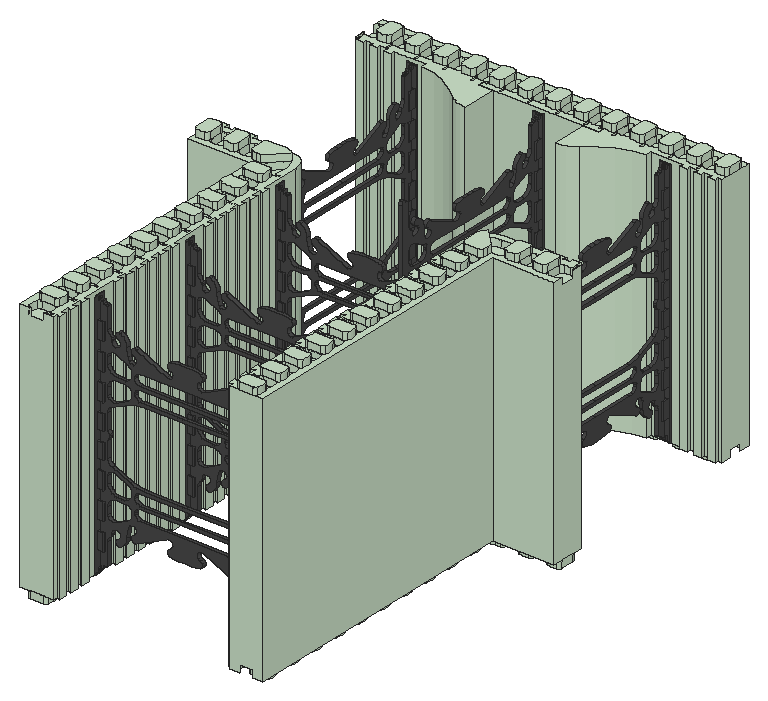
Revit family (continued)
Definition of nested family "12-inch Insert Web"
  Forms (mm)
    Extrusion 2, solid, material "High Density Polystyrene"
      sketch origin (0, 0, 0) x (0, 1, 0) y (0, 0, 1)
        loop
          line (-123.825, 134.334) -> (-109.22, 134.334)
          arc (-109.22, 134.334) -> (-100.24, 138.054) -> (-96.52, 147.034) r 12.7
          line (-96.52, 147.034) -> (-96.52, 150.275)
          arc (-96.52, 150.275) -> (-98.504, 157.092) -> (-103.837, 161.778) r 12.7
          line (-103.837, 161.778) -> (-126.138, 172.215)
          arc (-126.138, 172.215) -> (-135.287, 171.625) -> (-139.7, 163.588) r 9.525
          line (-139.7, 163.588) -> (-139.7, 150.209)
        loop
          line (139.7, 191.688) -> (139.7, 220.666) -> (136.652, 225.746) -> (136.652, 228.6) -> (136.652, 231.454) -> (139.7, 236.534) -> (139.7, 265.512)
          arc (139.7, 265.512) -> (137.716, 272.328) -> (132.383, 277.014) r 12.7
          line (132.383, 277.014) -> (100.425, 291.971)
          arc (100.425, 291.971) -> (88.608, 295.996) -> (76.2, 297.359) r 57.15
          line (76.2, 297.359) -> (0, 297.359) -> (-76.2, 297.359)
          arc (-76.2, 297.359) -> (-88.608, 295.996) -> (-100.425, 291.971) r 57.15
          line (-100.425, 291.971) -> (-132.383, 277.014)
          arc (-132.383, 277.014) -> (-137.716, 272.328) -> (-139.7, 265.512) r 12.7
          line (-139.7, 265.512) -> (-139.7, 236.534) -> (-136.652, 231.454) -> (-136.652, 228.6) -> (-136.652, 225.746) -> (-139.7, 220.666) -> (-139.7, 191.688)
          arc (-139.7, 191.688) -> (-137.716, 184.872) -> (-132.383, 180.186) r 12.7
          line (-132.383, 180.186) -> (-100.425, 165.229)
          arc (-100.425, 165.229) -> (-88.608, 161.204) -> (-76.2, 159.841) r 57.15
          line (-76.2, 159.841) -> (0, 159.841) -> (76.2, 159.841)
          arc (76.2, 159.841) -> (88.608, 161.204) -> (100.425, 165.229) r 57.15
          line (100.425, 165.229) -> (132.383, 180.186)
          arc (132.383, 180.186) -> (137.716, 184.872) -> (139.7, 191.688) r 12.7
        loop
          line (76.789, 348.183) -> (0, 348.183) -> (-76.789, 348.183)
          arc (-76.789, 348.183) -> (-80.328, 348.292) -> (-83.853, 348.621) r 57.15
          arc (-83.853, 348.621) -> (-88.43, 345.096) -> (-91.44, 340.166) r 15.855
          line (-91.44, 340.166) -> (-91.44, 336.966)
          arc (-91.44, 336.966) -> (-87.76, 331.136) -> (-81.935, 327.448) r 15.684
          line (-81.935, 327.448) -> (0, 327.448) -> (81.935, 327.448)
          arc (81.935, 327.448) -> (87.76, 331.136) -> (91.44, 336.966) r 15.684
          line (91.44, 336.966) -> (91.44, 340.166)
          arc (91.44, 340.166) -> (88.43, 345.096) -> (83.853, 348.621) r 15.855
          arc (83.853, 348.621) -> (80.328, 348.292) -> (76.789, 348.183) r 57.15
        loop
          arc (103.837, 354.882) -> (98.504, 350.196) -> (96.52, 343.38) r 12.7
          line (96.52, 343.38) -> (96.52, 340.138)
          arc (96.52, 340.138) -> (100.24, 331.158) -> (109.22, 327.438) r 12.7
          line (109.22, 327.438) -> (123.825, 327.438)
          arc (123.825, 327.438) -> (135.05, 332.088) -> (139.7, 343.313) r 15.875
          line (139.7, 343.313) -> (139.7, 356.692)
          arc (139.7, 356.692) -> (135.287, 364.729) -> (126.138, 365.319) r 9.525
          line (126.138, 365.319) -> (103.837, 354.882)
        loop
          arc (139.7, 306.991) -> (135.05, 318.216) -> (123.825, 322.866) r 15.875
          line (123.825, 322.866) -> (109.22, 322.866)
          arc (109.22, 322.866) -> (100.24, 319.146) -> (96.52, 310.166) r 12.7
          line (96.52, 310.166) -> (96.52, 306.925)
          arc (96.52, 306.925) -> (98.504, 300.108) -> (103.837, 295.422) r 12.7
          line (103.837, 295.422) -> (126.138, 284.985)
          arc (126.138, 284.985) -> (135.287, 285.575) -> (139.7, 293.612) r 9.525
          line (139.7, 293.612) -> (139.7, 306.991)
        loop
          arc (83.851, 301.696) -> (88.429, 305.221) -> (91.44, 310.152) r 15.855
          line (91.44, 310.152) -> (91.44, 313.351)
          arc (91.44, 313.351) -> (87.752, 319.188) -> (81.915, 322.876) r 15.684
          line (81.915, 322.876) -> (0, 322.876) -> (-81.915, 322.876)
          arc (-81.915, 322.876) -> (-87.752, 319.188) -> (-91.44, 313.351) r 15.684
          line (-91.44, 313.351) -> (-91.44, 310.152)
          arc (-91.44, 310.152) -> (-88.429, 305.221) -> (-83.851, 301.696) r 15.855
          arc (-83.851, 301.696) -> (-80.337, 302.022) -> (-76.81, 302.131) r 57.15
          line (-76.81, 302.131) -> (0, 302.131) -> (76.81, 302.131)
          arc (76.81, 302.131) -> (80.337, 302.022) -> (83.851, 301.696) r 57.15
        loop
          line (-103.837, 354.882) -> (-126.138, 365.319)
          arc (-126.138, 365.319) -> (-135.287, 364.729) -> (-139.7, 356.692) r 9.525
          line (-139.7, 356.692) -> (-139.7, 343.313)
          arc (-139.7, 343.313) -> (-135.05, 332.088) -> (-123.825, 327.438) r 15.875
          line (-123.825, 327.438) -> (-109.22, 327.438)
          arc (-109.22, 327.438) -> (-100.24, 331.158) -> (-96.52, 340.138) r 12.7
          line (-96.52, 340.138) -> (-96.52, 343.38)
          arc (-96.52, 343.38) -> (-98.504, 350.196) -> (-103.837, 354.882) r 12.7
        loop
          line (-139.7, 306.991) -> (-139.7, 293.612)
          arc (-139.7, 293.612) -> (-135.287, 285.575) -> (-126.138, 284.985) r 9.525
          line (-126.138, 284.985) -> (-103.837, 295.422)
          arc (-103.837, 295.422) -> (-98.504, 300.108) -> (-96.52, 306.925) r 12.7
          line (-96.52, 306.925) -> (-96.52, 310.166)
          arc (-96.52, 310.166) -> (-100.24, 319.146) -> (-109.22, 322.866) r 12.7
          line (-109.22, 322.866) -> (-123.825, 322.866)
          arc (-123.825, 322.866) -> (-135.05, 318.216) -> (-139.7, 306.991) r 15.875
      from 3.175 to -3.175
    Extrusion 3, solid, material "High Density Polystyrene"
      sketch origin (0, 0, 0) x (0, 1, 0) y (0, 0, 1)
        loop
          line (157.734, 410.919) -> (145.034, 410.919) -> (145.034, 380.439) -> (157.734, 380.439) -> (157.734, 410.919)
        loop
          line (157.734, 361.389) -> (145.034, 361.389) -> (145.034, 330.909) -> (157.734, 330.909) -> (157.734, 361.389)
        loop
          line (157.734, 311.859) -> (145.034, 311.859) -> (145.034, 281.379) -> (157.734, 281.379) -> (157.734, 311.859)
        loop
          line (157.734, 262.329) -> (145.034, 262.329) -> (145.034, 234.897) -> (157.734, 234.897) -> (157.734, 262.329)
        loop
          line (157.734, 215.847) -> (145.034, 215.847) -> (145.034, 188.415) -> (157.734, 188.415) -> (157.734, 215.847)
        loop
          line (157.734, 169.365) -> (145.034, 169.365) -> (145.034, 138.885) -> (157.734, 138.885) -> (157.734, 169.365)
        loop
          line (157.734, 119.835) -> (145.034, 119.835) -> (145.034, 89.355) -> (157.734, 89.355) -> (157.734, 119.835)
        loop
          line (157.734, 70.305) -> (145.034, 70.305) -> (145.034, 39.825) -> (157.734, 39.825) -> (157.734, 70.305)
        loop
          line (-157.734, 410.919) -> (-157.734, 380.439) -> (-145.034, 380.439) -> (-145.034, 410.919) -> (-157.734, 410.919)
        loop
          line (-157.734, 361.389) -> (-157.734, 330.909) -> (-145.034, 330.909) -> (-145.034, 361.389) -> (-157.734, 361.389)
        loop
          line (-157.734, 311.859) -> (-157.734, 281.379) -> (-145.034, 281.379) -> (-145.034, 311.859) -> (-157.734, 311.859)
        loop
          line (-157.734, 262.329) -> (-157.734, 234.897) -> (-145.034, 234.897) -> (-145.034, 262.329) -> (-157.734, 262.329)
        loop
          line (-157.734, 215.847) -> (-157.734, 188.415) -> (-145.034, 188.415) -> (-145.034, 215.847) -> (-157.734, 215.847)
        loop
          line (-157.734, 169.365) -> (-157.734, 138.885) -> (-145.034, 138.885) -> (-145.034, 169.365) -> (-157.734, 169.365)
        loop
          line (-157.734, 119.835) -> (-157.734, 89.355) -> (-145.034, 89.355) -> (-145.034, 119.835) -> (-157.734, 119.835)
        loop
          line (-157.734, 70.305) -> (-157.734, 39.825) -> (-145.034, 39.825) -> (-145.034, 70.305) -> (-157.734, 70.305)
      from 6.35 to -6.35
    Extrusion 4, void
      sketch origin (0, 76.2, 0) x (1, 0, 0) y (0, 1, 0)
        loop
          line (-6.35, 70.929) -> (-6.35, 68.834) -> (-4.255, 68.834)
          arc (-4.255, 68.834) -> (-5.736, 69.448) -> (-6.35, 70.929) r 2.095
      from 0 to 457.2
    Extrusion 5, void
      sketch origin (0, 76.2, 0) x (-1, 0, 0) y (0, -1, 0)
        loop
          arc (-6.35, -70.929) -> (-5.736, -69.448) -> (-4.255, -68.834) r 2.095
          line (-4.255, -68.834) -> (-6.35, -68.834) -> (-6.35, -70.929)
      from 0 to 457.2
    Extrusion 6, void
      sketch origin (0, -76.2, 0) x (1, 0, 0) y (0, 1, 0)
        loop
          arc (-6.35, -70.929) -> (-5.736, -69.448) -> (-4.255, -68.834) r 2.095
          line (-4.255, -68.834) -> (-6.35, -68.834) -> (-6.35, -70.929)
      from 0 to 457.2
    Extrusion 7, void
      sketch origin (0, -76.2, 0) x (-1, 0, 0) y (0, -1, 0)
        loop
          line (-6.35, 70.929) -> (-6.35, 68.834) -> (-4.255, 68.834)
          arc (-4.255, 68.834) -> (-5.736, 69.448) -> (-6.35, 70.929) r 2.095
      from 0 to 457.2
  Cuts and joins
    Extrusion 4, Extrusion 5, Extrusion 6, Extrusion 7 cuts Extrusion 1
    Extrusion 4, Extrusion 5, Extrusion 6, Extrusion 7 cuts Extrusion 3
Definition of nested family "12-inch Insert Web w One Fastening Strip"
  Reference planes
    plane 1 "Center (Front/Back)": y = 0
    plane 2: z = 0
    plane 3 "Center (Left/Right)": x = 0
  Forms (mm)
    Extrusion 1, solid, material "High Density Polystyrene"
      sketch origin (0, 0, 0) x (0, 1, 0) y (0, 0, 1)
        loop
          arc (-158.75, 0) -> (-158.017, 0.502) -> (-157.734, 1.344) r 1.397
          line (-157.734, 1.344) -> (-157.734, 449.4)
          arc (-157.734, 449.4) -> (-158.017, 450.243) -> (-158.75, 450.744) r 1.397
          line (-158.75, 450.744) -> (-158.75, 0)
      from 9.227 to -9.227
    Extrusion 2, solid, material "High Density Polystyrene"
      sketch origin (0, 0, 0) x (0, 1, 0) y (0, 0, 1)
        loop
          line (-155.586, 446.33) -> (-157.342, 447.306)
          arc (-157.342, 447.306) -> (-157.629, 447.585) -> (-157.734, 447.972) r 0.762
          line (-157.734, 447.972) -> (-157.734, 441.652)
          arc (-157.734, 441.652) -> (-157.575, 442.021) -> (-157.198, 442.16) r 0.508
          line (-157.198, 442.16) -> (-155.73, 442.078)
          arc (-155.73, 442.078) -> (-155.353, 442.216) -> (-155.194, 442.585) r 0.508
          line (-155.194, 442.585) -> (-155.194, 445.664)
          arc (-155.194, 445.664) -> (-155.299, 446.05) -> (-155.586, 446.33) r 0.762
        loop
          arc (-155.586, 4.414) -> (-155.299, 4.694) -> (-155.194, 5.08) r 0.762
          line (-155.194, 5.08) -> (-155.194, 8.159)
          arc (-155.194, 8.159) -> (-155.353, 8.528) -> (-155.73, 8.666) r 0.508
          line (-155.73, 8.666) -> (-157.198, 8.585)
          arc (-157.198, 8.585) -> (-157.575, 8.723) -> (-157.734, 9.092) r 0.508
          line (-157.734, 9.092) -> (-157.734, 2.772)
          arc (-157.734, 2.772) -> (-157.629, 3.159) -> (-157.342, 3.439) r 0.762
          line (-157.342, 3.439) -> (-155.586, 4.414)
        loop
          line (152.4, 437.076) -> (150.495, 442.918)
          arc (150.495, 442.918) -> (149.225, 443.68) -> (147.955, 442.918) r 1.439
          line (147.955, 442.918) -> (146.713, 439.108) -> (143.483, 439.108)
          arc (143.483, 439.108) -> (142.604, 438.744) -> (142.24, 437.865) r 1.243
          line (142.24, 437.865) -> (142.24, 437.076) -> (139.7, 437.076) -> (139.7, 400.201)
          arc (139.7, 400.201) -> (137.944, 393.421) -> (133.118, 388.345) r 13.97
          arc (133.118, 388.345) -> (131.885, 386.915) -> (131.681, 385.039) r 3.175
          arc (131.681, 385.039) -> (120.376, 376.743) -> (121.202, 390.741) r 7.747
          arc (121.202, 390.741) -> (124.314, 398.005) -> (117.05, 401.117) r 5.588
          arc (117.05, 401.117) -> (108.059, 393.619) -> (105.199, 382.266) r 18.923
          arc (105.199, 382.266) -> (104.091, 371.727) -> (100.821, 361.646) r 50.8
          arc (100.821, 361.646) -> (88.144, 361.552) -> (92.35, 373.51) r 7.747
          arc (92.35, 373.51) -> (96.234, 381.929) -> (87.311, 384.447) r 6.096
          line (87.311, 384.447) -> (33.279, 359.063)
          arc (33.279, 359.063) -> (22.267, 362.762) -> (27.306, 373.229) r 7.747
          arc (27.306, 373.229) -> (31.748, 378.927) -> (27.631, 384.864) r 6.096
          arc (27.631, 384.864) -> (19.507, 386.918) -> (11.157, 387.609) r 50.8
          line (11.157, 387.609) -> (0, 387.609) -> (-11.157, 387.609)
          arc (-11.157, 387.609) -> (-19.507, 386.918) -> (-27.631, 384.864) r 50.8
          arc (-27.631, 384.864) -> (-31.748, 378.927) -> (-27.306, 373.229) r 6.096
          arc (-27.306, 373.229) -> (-22.267, 362.762) -> (-33.279, 359.063) r 7.747
          line (-33.279, 359.063) -> (-87.311, 384.447)
          arc (-87.311, 384.447) -> (-96.234, 381.929) -> (-92.35, 373.51) r 6.096
          arc (-92.35, 373.51) -> (-88.144, 361.552) -> (-100.821, 361.646) r 7.747
          arc (-100.821, 361.646) -> (-104.091, 371.727) -> (-105.199, 382.266) r 50.8
          arc (-105.199, 382.266) -> (-108.059, 393.619) -> (-117.05, 401.117) r 18.923
          arc (-117.05, 401.117) -> (-124.314, 398.005) -> (-121.202, 390.741) r 5.588
          arc (-121.202, 390.741) -> (-120.376, 376.743) -> (-131.681, 385.039) r 7.747
          arc (-131.681, 385.039) -> (-131.885, 386.915) -> (-133.118, 388.345) r 3.175
          arc (-133.118, 388.345) -> (-137.944, 393.421) -> (-139.7, 400.201) r 13.97
          line (-139.7, 400.201) -> (-139.7, 437.076) -> (-142.24, 437.076) -> (-142.24, 437.865)
          arc (-142.24, 437.865) -> (-142.604, 438.744) -> (-143.483, 439.108) r 1.243
          line (-143.483, 439.108) -> (-146.713, 439.108) -> (-147.955, 442.918)
          arc (-147.955, 442.918) -> (-149.225, 443.68) -> (-150.495, 442.918) r 1.439
          line (-150.495, 442.918) -> (-152.4, 437.076) -> (-152.4, 16.896) -> (-150.495, 11.054)
          arc (-150.495, 11.054) -> (-149.225, 10.292) -> (-147.955, 11.054) r 1.439
          line (-147.955, 11.054) -> (-146.713, 14.864) -> (-143.483, 14.864)
          arc (-143.483, 14.864) -> (-142.604, 15.228) -> (-142.24, 16.107) r 1.243
          line (-142.24, 16.107) -> (-142.24, 16.896) -> (-139.7, 16.896) -> (-139.7, 56.999)
          arc (-139.7, 56.999) -> (-137.944, 63.779) -> (-133.118, 68.855) r 13.97
          arc (-133.118, 68.855) -> (-131.885, 70.285) -> (-131.681, 72.161) r 3.175
          arc (-131.681, 72.161) -> (-120.376, 80.457) -> (-121.202, 66.459) r 7.747
          arc (-121.202, 66.459) -> (-124.314, 59.195) -> (-117.05, 56.083) r 5.588
          arc (-117.05, 56.083) -> (-108.059, 63.581) -> (-105.199, 74.934) r 18.923
          arc (-105.199, 74.934) -> (-104.091, 85.473) -> (-100.821, 95.554) r 50.8
          arc (-100.821, 95.554) -> (-88.144, 95.648) -> (-92.35, 83.69) r 7.747
          arc (-92.35, 83.69) -> (-96.234, 75.271) -> (-87.311, 72.753) r 6.096
          line (-87.311, 72.753) -> (-33.279, 98.137)
          arc (-33.279, 98.137) -> (-22.267, 94.438) -> (-27.306, 83.971) r 7.747
          arc (-27.306, 83.971) -> (-31.748, 78.273) -> (-27.631, 72.336) r 6.096
          arc (-27.631, 72.336) -> (-19.507, 70.282) -> (-11.157, 69.591) r 50.8
          line (-11.157, 69.591) -> (0, 69.591) -> (11.157, 69.591)
          arc (11.157, 69.591) -> (19.507, 70.282) -> (27.631, 72.336) r 50.8
          arc (27.631, 72.336) -> (31.748, 78.273) -> (27.306, 83.971) r 6.096
          arc (27.306, 83.971) -> (22.267, 94.438) -> (33.279, 98.137) r 7.747
          line (33.279, 98.137) -> (87.311, 72.753)
          arc (87.311, 72.753) -> (96.234, 75.271) -> (92.35, 83.69) r 6.096
          arc (92.35, 83.69) -> (88.144, 95.648) -> (100.821, 95.554) r 7.747
          arc (100.821, 95.554) -> (104.091, 85.473) -> (105.199, 74.934) r 50.8
          arc (105.199, 74.934) -> (108.059, 63.581) -> (117.05, 56.083) r 18.923
          arc (117.05, 56.083) -> (124.314, 59.195) -> (121.202, 66.459) r 5.588
          arc (121.202, 66.459) -> (120.376, 80.457) -> (131.681, 72.161) r 7.747
          arc (131.681, 72.161) -> (131.885, 70.285) -> (133.118, 68.855) r 3.175
          arc (133.118, 68.855) -> (137.944, 63.779) -> (139.7, 56.999) r 13.97
          line (139.7, 56.999) -> (139.7, 16.896) -> (142.24, 16.896) -> (142.24, 16.107)
          arc (142.24, 16.107) -> (142.604, 15.228) -> (143.483, 14.864) r 1.243
          line (143.483, 14.864) -> (146.713, 14.864) -> (147.955, 11.054)
          arc (147.955, 11.054) -> (149.225, 10.292) -> (150.495, 11.054) r 1.439
          line (150.495, 11.054) -> (152.4, 16.896) -> (152.4, 437.076)
        loop
          arc (76.789, 109.017) -> (80.328, 108.908) -> (83.853, 108.579) r 57.15
          arc (83.853, 108.579) -> (88.43, 112.104) -> (91.44, 117.034) r 15.855
          line (91.44, 117.034) -> (91.44, 120.234)
          arc (91.44, 120.234) -> (87.76, 126.064) -> (81.935, 129.752) r 15.684
          line (81.935, 129.752) -> (0, 129.752) -> (-81.935, 129.752)
          arc (-81.935, 129.752) -> (-87.76, 126.064) -> (-91.44, 120.234) r 15.684
          line (-91.44, 120.234) -> (-91.44, 117.034)
          arc (-91.44, 117.034) -> (-88.43, 112.104) -> (-83.853, 108.579) r 15.855
          arc (-83.853, 108.579) -> (-80.328, 108.908) -> (-76.789, 109.017) r 57.15
          line (-76.789, 109.017) -> (0, 109.017) -> (76.789, 109.017)
        loop
          line (103.837, 102.318) -> (126.138, 91.881)
          arc (126.138, 91.881) -> (135.287, 92.471) -> (139.7, 100.508) r 9.525
          line (139.7, 100.508) -> (139.7, 113.887)
          arc (139.7, 113.887) -> (135.05, 125.112) -> (123.825, 129.762) r 15.875
          line (123.825, 129.762) -> (109.22, 129.762)
          arc (109.22, 129.762) -> (100.24, 126.042) -> (96.52, 117.062) r 12.7
          line (96.52, 117.062) -> (96.52, 113.82)
          arc (96.52, 113.82) -> (98.504, 107.004) -> (103.837, 102.318) r 12.7
        loop
          line (139.7, 150.209) -> (139.7, 163.588)
          arc (139.7, 163.588) -> (135.287, 171.625) -> (126.138, 172.215) r 9.525
          line (126.138, 172.215) -> (103.837, 161.778)
          arc (103.837, 161.778) -> (98.504, 157.092) -> (96.52, 150.275) r 12.7
          line (96.52, 150.275) -> (96.52, 147.034)
          arc (96.52, 147.034) -> (100.24, 138.054) -> (109.22, 134.334) r 12.7
          line (109.22, 134.334) -> (123.825, 134.334)
          arc (123.825, 134.334) -> (135.05, 138.984) -> (139.7, 150.209) r 15.875
        loop
          arc (83.851, 155.504) -> (80.337, 155.178) -> (76.81, 155.069) r 57.15
          line (76.81, 155.069) -> (0, 155.069) -> (-76.81, 155.069)
          arc (-76.81, 155.069) -> (-80.337, 155.178) -> (-83.851, 155.504) r 57.15
          arc (-83.851, 155.504) -> (-88.429, 151.979) -> (-91.44, 147.048) r 15.855
          line (-91.44, 147.048) -> (-91.44, 143.849)
          arc (-91.44, 143.849) -> (-87.752, 138.012) -> (-81.915, 134.324) r 15.684
          line (-81.915, 134.324) -> (0, 134.324) -> (81.915, 134.324)
          arc (81.915, 134.324) -> (87.752, 138.012) -> (91.44, 143.849) r 15.684
          line (91.44, 143.849) -> (91.44, 147.048)
          arc (91.44, 147.048) -> (88.429, 151.979) -> (83.851, 155.504) r 15.855
        loop
          arc (-103.837, 102.318) -> (-98.504, 107.004) -> (-96.52, 113.82) r 12.7
          line (-96.52, 113.82) -> (-96.52, 117.062)
          arc (-96.52, 117.062) -> (-100.24, 126.042) -> (-109.22, 129.762) r 12.7
          line (-109.22, 129.762) -> (-123.825, 129.762)
          arc (-123.825, 129.762) -> (-135.05, 125.112) -> (-139.7, 113.887) r 15.875
          line (-139.7, 113.887) -> (-139.7, 100.508)
          arc (-139.7, 100.508) -> (-135.287, 92.471) -> (-126.138, 91.881) r 9.525
          line (-126.138, 91.881) -> (-103.837, 102.318)
        loop
          arc (-139.7, 150.209) -> (-135.05, 138.984) -> (-123.825, 134.334) r 15.875
          line (-123.825, 134.334) -> (-109.22, 134.334)
          arc (-109.22, 134.334) -> (-100.24, 138.054) -> (-96.52, 147.034) r 12.7
          line (-96.52, 147.034) -> (-96.52, 150.275)
          arc (-96.52, 150.275) -> (-98.504, 157.092) -> (-103.837, 161.778) r 12.7
          line (-103.837, 161.778) -> (-126.138, 172.215)
          arc (-126.138, 172.215) -> (-135.287, 171.625) -> (-139.7, 163.588) r 9.525
          line (-139.7, 163.588) -> (-139.7, 150.209)
        loop
          line (139.7, 191.688) -> (139.7, 220.666) -> (136.652, 225.746) -> (136.652, 228.6) -> (136.652, 231.454) -> (139.7, 236.534) -> (139.7, 265.512)
          arc (139.7, 265.512) -> (137.716, 272.328) -> (132.383, 277.014) r 12.7
          line (132.383, 277.014) -> (100.425, 291.971)
          arc (100.425, 291.971) -> (88.608, 295.996) -> (76.2, 297.359) r 57.15
          line (76.2, 297.359) -> (0, 297.359) -> (-76.2, 297.359)
          arc (-76.2, 297.359) -> (-88.608, 295.996) -> (-100.425, 291.971) r 57.15
          line (-100.425, 291.971) -> (-132.383, 277.014)
          arc (-132.383, 277.014) -> (-137.716, 272.328) -> (-139.7, 265.512) r 12.7
          line (-139.7, 265.512) -> (-139.7, 236.534) -> (-136.652, 231.454) -> (-136.652, 228.6) -> (-136.652, 225.746) -> (-139.7, 220.666) -> (-139.7, 191.688)
          arc (-139.7, 191.688) -> (-137.716, 184.872) -> (-132.383, 180.186) r 12.7
          line (-132.383, 180.186) -> (-100.425, 165.229)
          arc (-100.425, 165.229) -> (-88.608, 161.204) -> (-76.2, 159.841) r 57.15
          line (-76.2, 159.841) -> (0, 159.841) -> (76.2, 159.841)
          arc (76.2, 159.841) -> (88.608, 161.204) -> (100.425, 165.229) r 57.15
          line (100.425, 165.229) -> (132.383, 180.186)
          arc (132.383, 180.186) -> (137.716, 184.872) -> (139.7, 191.688) r 12.7
        loop
          line (76.789, 348.183) -> (0, 348.183) -> (-76.789, 348.183)
          arc (-76.789, 348.183) -> (-80.328, 348.292) -> (-83.853, 348.621) r 57.15
          arc (-83.853, 348.621) -> (-88.43, 345.096) -> (-91.44, 340.166) r 15.855
          line (-91.44, 340.166) -> (-91.44, 336.966)
          arc (-91.44, 336.966) -> (-87.76, 331.136) -> (-81.935, 327.448) r 15.684
          line (-81.935, 327.448) -> (0, 327.448) -> (81.935, 327.448)
          arc (81.935, 327.448) -> (87.76, 331.136) -> (91.44, 336.966) r 15.684
          line (91.44, 336.966) -> (91.44, 340.166)
          arc (91.44, 340.166) -> (88.43, 345.096) -> (83.853, 348.621) r 15.855
          arc (83.853, 348.621) -> (80.328, 348.292) -> (76.789, 348.183) r 57.15
        loop
          arc (103.837, 354.882) -> (98.504, 350.196) -> (96.52, 343.38) r 12.7
          line (96.52, 343.38) -> (96.52, 340.138)
          arc (96.52, 340.138) -> (100.24, 331.158) -> (109.22, 327.438) r 12.7
          line (109.22, 327.438) -> (123.825, 327.438)
          arc (123.825, 327.438) -> (135.05, 332.088) -> (139.7, 343.313) r 15.875
          line (139.7, 343.313) -> (139.7, 356.692)
          arc (139.7, 356.692) -> (135.287, 364.729) -> (126.138, 365.319) r 9.525
          line (126.138, 365.319) -> (103.837, 354.882)
        loop
          arc (139.7, 306.991) -> (135.05, 318.216) -> (123.825, 322.866) r 15.875
          line (123.825, 322.866) -> (109.22, 322.866)
          arc (109.22, 322.866) -> (100.24, 319.146) -> (96.52, 310.166) r 12.7
          line (96.52, 310.166) -> (96.52, 306.925)
          arc (96.52, 306.925) -> (98.504, 300.108) -> (103.837, 295.422) r 12.7
          line (103.837, 295.422) -> (126.138, 284.985)
          arc (126.138, 284.985) -> (135.287, 285.575) -> (139.7, 293.612) r 9.525
          line (139.7, 293.612) -> (139.7, 306.991)
        loop
          arc (83.851, 301.696) -> (88.429, 305.221) -> (91.44, 310.152) r 15.855
          line (91.44, 310.152) -> (91.44, 313.351)
          arc (91.44, 313.351) -> (87.752, 319.188) -> (81.915, 322.876) r 15.684
          line (81.915, 322.876) -> (0, 322.876) -> (-81.915, 322.876)
          arc (-81.915, 322.876) -> (-87.752, 319.188) -> (-91.44, 313.351) r 15.684
          line (-91.44, 313.351) -> (-91.44, 310.152)
          arc (-91.44, 310.152) -> (-88.429, 305.221) -> (-83.851, 301.696) r 15.855
          arc (-83.851, 301.696) -> (-80.337, 302.022) -> (-76.81, 302.131) r 57.15
          line (-76.81, 302.131) -> (0, 302.131) -> (76.81, 302.131)
          arc (76.81, 302.131) -> (80.337, 302.022) -> (83.851, 301.696) r 57.15
        loop
          line (-103.837, 354.882) -> (-126.138, 365.319)
          arc (-126.138, 365.319) -> (-135.287, 364.729) -> (-139.7, 356.692) r 9.525
          line (-139.7, 356.692) -> (-139.7, 343.313)
          arc (-139.7, 343.313) -> (-135.05, 332.088) -> (-123.825, 327.438) r 15.875
          line (-123.825, 327.438) -> (-109.22, 327.438)
          arc (-109.22, 327.438) -> (-100.24, 331.158) -> (-96.52, 340.138) r 12.7
          line (-96.52, 340.138) -> (-96.52, 343.38)
          arc (-96.52, 343.38) -> (-98.504, 350.196) -> (-103.837, 354.882) r 12.7
        loop
          line (-139.7, 306.991) -> (-139.7, 293.612)
          arc (-139.7, 293.612) -> (-135.287, 285.575) -> (-126.138, 284.985) r 9.525
          line (-126.138, 284.985) -> (-103.837, 295.422)
          arc (-103.837, 295.422) -> (-98.504, 300.108) -> (-96.52, 306.925) r 12.7
          line (-96.52, 306.925) -> (-96.52, 310.166)
          arc (-96.52, 310.166) -> (-100.24, 319.146) -> (-109.22, 322.866) r 12.7
          line (-109.22, 322.866) -> (-123.825, 322.866)
          arc (-123.825, 322.866) -> (-135.05, 318.216) -> (-139.7, 306.991) r 15.875
      from 3.175 to -3.175
    Extrusion 3, solid, material "High Density Polystyrene"
      sketch origin (0, 0, 0) x (0, 1, 0) y (0, 0, 1)
        loop
          line (-157.734, 410.919) -> (-157.734, 380.439) -> (-145.034, 380.439) -> (-145.034, 410.919) -> (-157.734, 410.919)
        loop
          line (-157.734, 361.389) -> (-157.734, 330.909) -> (-145.034, 330.909) -> (-145.034, 361.389) -> (-157.734, 361.389)
        loop
          line (-157.734, 311.859) -> (-157.734, 281.379) -> (-145.034, 281.379) -> (-145.034, 311.859) -> (-157.734, 311.859)
        loop
          line (-157.734, 262.329) -> (-157.734, 234.897) -> (-145.034, 234.897) -> (-145.034, 262.329) -> (-157.734, 262.329)
        loop
          line (-157.734, 215.847) -> (-157.734, 188.415) -> (-145.034, 188.415) -> (-145.034, 215.847) -> (-157.734, 215.847)
        loop
          line (-157.734, 169.365) -> (-157.734, 138.885) -> (-145.034, 138.885) -> (-145.034, 169.365) -> (-157.734, 169.365)
        loop
          line (-157.734, 119.835) -> (-157.734, 89.355) -> (-145.034, 89.355) -> (-145.034, 119.835) -> (-157.734, 119.835)
        loop
          line (-157.734, 70.305) -> (-157.734, 39.825) -> (-145.034, 39.825) -> (-145.034, 70.305) -> (-157.734, 70.305)
      from 6.35 to -6.35
    Extrusion 4, void
      sketch origin (0, -76.2, 0) x (1, 0, 0) y (0, 1, 0)
        loop
          arc (-6.35, -70.929) -> (-5.736, -69.448) -> (-4.255, -68.834) r 2.095
          line (-4.255, -68.834) -> (-6.35, -68.834) -> (-6.35, -70.929)
      from 0 to 457.2
    Extrusion 5, void
      sketch origin (0, -76.2, 0) x (-1, 0, 0) y (0, -1, 0)
        loop
          line (-6.35, 70.929) -> (-6.35, 68.834) -> (-4.255, 68.834)
          arc (-4.255, 68.834) -> (-5.736, 69.448) -> (-6.35, 70.929) r 2.095
      from 0 to 457.2
  Cuts and joins
    Extrusion 4, Extrusion 5 cuts Extrusion 1
    Extrusion 4, Extrusion 5 cuts Extrusion 3
Definition of nested family "NUDURA Diamond Pattern"
  Reference planes
    plane 1 "Center (Front/Back)": y = 0
    plane 2: z = 0
    plane 3 "Center (Left/Right)": x = 0
    plane 4: z = 457.2
  Lines and regions (mm)
    model lines
      curve 1: line (203.2, -142.875, 457.2) -> (203.2, -142.875, 0)
      curve 2: line (152.4, -142.875, 457.2) -> (152.4, -142.875, 0)
      curve 3: line (50.8, -142.875, 457.2) -> (50.8, -142.875, 0)
      curve 4: line (85.183, -142.875, 431.415) -> (93.906, -142.875, 422.692)
      curve 5: arc (85.183, -142.875, 444.885) -> (82.394, -142.875, 438.15) -> (85.183, -142.875, 431.415) r 9.525
      curve 6: line (94.708, -142.875, 454.41) -> (85.183, -142.875, 444.885)
      curve 7: arc (108.179, -142.875, 454.41) -> (101.444, -142.875, 457.2) -> (94.708, -142.875, 454.41) r 9.525
      curve 8: line (117.704, -142.875, 444.885) -> (108.179, -142.875, 454.41)
      curve 9: arc (117.704, -142.875, 431.415) -> (120.494, -142.875, 438.15) -> (117.704, -142.875, 444.885) r 9.525
      curve 10: line (108.981, -142.875, 422.692) -> (117.704, -142.875, 431.415)
      curve 11: arc (105.934, -142.875, 452.165) -> (101.444, -142.875, 454.025) -> (96.953, -142.875, 452.165) r 6.35
      curve 12: line (115.459, -142.875, 442.64) -> (105.934, -142.875, 452.165)
      curve 13: arc (115.459, -142.875, 433.66) -> (117.319, -142.875, 438.15) -> (115.459, -142.875, 442.64) r 6.35
      curve 14: line (105.934, -142.875, 424.135) -> (115.459, -142.875, 433.66)
      curve 15: arc (96.953, -142.875, 424.135) -> (101.444, -142.875, 422.275) -> (105.934, -142.875, 424.135) r 6.35
      curve 16: line (87.428, -142.875, 433.66) -> (96.953, -142.875, 424.135)
      curve 17: arc (87.428, -142.875, 442.64) -> (85.569, -142.875, 438.15) -> (87.428, -142.875, 433.66) r 6.35
      curve 18: line (96.953, -142.875, 452.165) -> (87.428, -142.875, 442.64)
      curve 19: arc (93.906, -142.875, 415.508) -> (95.394, -142.875, 419.1) -> (93.906, -142.875, 422.692) r 5.08
      curve 20: line (117.704, -142.875, 406.785) -> (108.981, -142.875, 415.508)
      curve 21: arc (117.704, -142.875, 393.315) -> (120.494, -142.875, 400.05) -> (117.704, -142.875, 406.785) r 9.525
      curve 22: line (108.981, -142.875, 384.592) -> (117.704, -142.875, 393.315)
      curve 23: line (85.183, -142.875, 393.315) -> (93.906, -142.875, 384.592)
      curve 24: arc (85.183, -142.875, 406.785) -> (82.394, -142.875, 400.05) -> (85.183, -142.875, 393.315) r 9.525
      curve 25: line (93.906, -142.875, 415.508) -> (85.183, -142.875, 406.785)
      curve 26: arc (105.934, -142.875, 414.065) -> (101.444, -142.875, 415.925) -> (96.953, -142.875, 414.065) r 6.35
      curve 27: line (96.953, -142.875, 414.065) -> (87.428, -142.875, 404.54)
      curve 28: arc (87.428, -142.875, 404.54) -> (85.569, -142.875, 400.05) -> (87.428, -142.875, 395.56) r 6.35
      curve 29: line (87.428, -142.875, 395.56) -> (96.953, -142.875, 386.035)
      curve 30: arc (96.953, -142.875, 386.035) -> (101.444, -142.875, 384.175) -> (105.934, -142.875, 386.035) r 6.35
      curve 31: line (105.934, -142.875, 386.035) -> (115.459, -142.875, 395.56)
      curve 32: arc (115.459, -142.875, 395.56) -> (117.319, -142.875, 400.05) -> (115.459, -142.875, 404.54) r 6.35
      curve 33: line (115.459, -142.875, 404.54) -> (105.934, -142.875, 414.065)
      curve 34: arc (93.906, -142.875, 377.408) -> (95.394, -142.875, 381) -> (93.906, -142.875, 384.592) r 5.08
      curve 35: line (117.704, -142.875, 368.685) -> (108.981, -142.875, 377.408)
      curve 36: arc (117.704, -142.875, 355.215) -> (120.494, -142.875, 361.95) -> (117.704, -142.875, 368.685) r 9.525
      curve 37: line (108.981, -142.875, 346.492) -> (117.704, -142.875, 355.215)
      curve 38: line (85.183, -142.875, 355.215) -> (93.906, -142.875, 346.492)
      curve 39: arc (85.183, -142.875, 368.685) -> (82.394, -142.875, 361.95) -> (85.183, -142.875, 355.215) r 9.525
      curve 40: line (93.906, -142.875, 377.408) -> (85.183, -142.875, 368.685)
      curve 41: arc (105.934, -142.875, 375.965) -> (101.444, -142.875, 377.825) -> (96.953, -142.875, 375.965) r 6.35
      curve 42: line (96.953, -142.875, 375.965) -> (87.428, -142.875, 366.44)
      curve 43: arc (87.428, -142.875, 366.44) -> (85.569, -142.875, 361.95) -> (87.428, -142.875, 357.46) r 6.35
      curve 44: line (87.428, -142.875, 357.46) -> (96.953, -142.875, 347.935)
      curve 45: arc (96.953, -142.875, 347.935) -> (101.444, -142.875, 346.075) -> (105.934, -142.875, 347.935) r 6.35
      curve 46: line (105.934, -142.875, 347.935) -> (115.459, -142.875, 357.46)
      curve 47: arc (115.459, -142.875, 357.46) -> (117.319, -142.875, 361.95) -> (115.459, -142.875, 366.44) r 6.35
      curve 48: line (115.459, -142.875, 366.44) -> (105.934, -142.875, 375.965)
      curve 49: arc (93.906, -142.875, 339.308) -> (95.394, -142.875, 342.9) -> (93.906, -142.875, 346.492) r 5.08
      curve 50: line (117.704, -142.875, 330.585) -> (108.981, -142.875, 339.308)
      curve 51: arc (117.704, -142.875, 317.115) -> (120.494, -142.875, 323.85) -> (117.704, -142.875, 330.585) r 9.525
      curve 52: line (108.981, -142.875, 308.392) -> (117.704, -142.875, 317.115)
      curve 53: line (85.183, -142.875, 317.115) -> (93.906, -142.875, 308.392)
      curve 54: arc (85.183, -142.875, 330.585) -> (82.394, -142.875, 323.85) -> (85.183, -142.875, 317.115) r 9.525
      curve 55: line (93.906, -142.875, 339.308) -> (85.183, -142.875, 330.585)
      curve 56: arc (105.934, -142.875, 337.865) -> (101.444, -142.875, 339.725) -> (96.953, -142.875, 337.865) r 6.35
      curve 57: line (96.953, -142.875, 337.865) -> (87.428, -142.875, 328.34)
      curve 58: arc (87.428, -142.875, 328.34) -> (85.569, -142.875, 323.85) -> (87.428, -142.875, 319.36) r 6.35
      curve 59: line (87.428, -142.875, 319.36) -> (96.953, -142.875, 309.835)
      curve 60: arc (96.953, -142.875, 309.835) -> (101.444, -142.875, 307.975) -> (105.934, -142.875, 309.835) r 6.35
      curve 61: line (105.934, -142.875, 309.835) -> (115.459, -142.875, 319.36)
      curve 62: arc (115.459, -142.875, 319.36) -> (117.319, -142.875, 323.85) -> (115.459, -142.875, 328.34) r 6.35
      curve 63: line (115.459, -142.875, 328.34) -> (105.934, -142.875, 337.865)
      curve 64: arc (93.906, -142.875, 301.208) -> (95.394, -142.875, 304.8) -> (93.906, -142.875, 308.392) r 5.08
      curve 65: line (117.704, -142.875, 292.485) -> (108.981, -142.875, 301.208)
      curve 66: arc (117.704, -142.875, 279.015) -> (120.494, -142.875, 285.75) -> (117.704, -142.875, 292.485) r 9.525
      curve 67: line (108.981, -142.875, 270.292) -> (117.704, -142.875, 279.015)
      curve 68: line (85.183, -142.875, 279.015) -> (93.906, -142.875, 270.292)
      curve 69: arc (85.183, -142.875, 292.485) -> (82.394, -142.875, 285.75) -> (85.183, -142.875, 279.015) r 9.525
      curve 70: line (93.906, -142.875, 301.208) -> (85.183, -142.875, 292.485)
      curve 71: arc (105.934, -142.875, 299.765) -> (101.444, -142.875, 301.625) -> (96.953, -142.875, 299.765) r 6.35
      curve 72: line (96.953, -142.875, 299.765) -> (87.428, -142.875, 290.24)
      curve 73: arc (87.428, -142.875, 290.24) -> (85.569, -142.875, 285.75) -> (87.428, -142.875, 281.26) r 6.35
      curve 74: line (87.428, -142.875, 281.26) -> (96.953, -142.875, 271.735)
      curve 75: arc (96.953, -142.875, 271.735) -> (101.444, -142.875, 269.875) -> (105.934, -142.875, 271.735) r 6.35
      curve 76: line (105.934, -142.875, 271.735) -> (115.459, -142.875, 281.26)
      curve 77: arc (115.459, -142.875, 281.26) -> (117.319, -142.875, 285.75) -> (115.459, -142.875, 290.24) r 6.35
      curve 78: line (115.459, -142.875, 290.24) -> (105.934, -142.875, 299.765)
      curve 79: arc (93.906, -142.875, 263.108) -> (95.394, -142.875, 266.7) -> (93.906, -142.875, 270.292) r 5.08
      curve 80: line (117.704, -142.875, 254.385) -> (108.981, -142.875, 263.108)
      curve 81: arc (117.704, -142.875, 240.915) -> (120.494, -142.875, 247.65) -> (117.704, -142.875, 254.385) r 9.525
      curve 82: line (108.981, -142.875, 232.192) -> (117.704, -142.875, 240.915)
      curve 83: line (85.183, -142.875, 240.915) -> (93.906, -142.875, 232.192)
      curve 84: arc (85.183, -142.875, 254.385) -> (82.394, -142.875, 247.65) -> (85.183, -142.875, 240.915) r 9.525
      curve 85: line (93.906, -142.875, 263.108) -> (85.183, -142.875, 254.385)
      curve 86: arc (105.934, -142.875, 261.665) -> (101.444, -142.875, 263.525) -> (96.953, -142.875, 261.665) r 6.35
      curve 87: line (96.953, -142.875, 261.665) -> (87.428, -142.875, 252.14)
      curve 88: arc (87.428, -142.875, 252.14) -> (85.569, -142.875, 247.65) -> (87.428, -142.875, 243.16) r 6.35
      curve 89: line (87.428, -142.875, 243.16) -> (96.953, -142.875, 233.635)
      curve 90: arc (96.953, -142.875, 233.635) -> (101.444, -142.875, 231.775) -> (105.934, -142.875, 233.635) r 6.35
      curve 91: line (105.934, -142.875, 233.635) -> (115.459, -142.875, 243.16)
      curve 92: arc (115.459, -142.875, 243.16) -> (117.319, -142.875, 247.65) -> (115.459, -142.875, 252.14) r 6.35
      curve 93: line (115.459, -142.875, 252.14) -> (105.934, -142.875, 261.665)
      curve 94: arc (93.906, -142.875, 225.008) -> (95.394, -142.875, 228.6) -> (93.906, -142.875, 232.192) r 5.08
      curve 95: line (117.704, -142.875, 216.285) -> (108.981, -142.875, 225.008)
      curve 96: arc (117.704, -142.875, 202.815) -> (120.494, -142.875, 209.55) -> (117.704, -142.875, 216.285) r 9.525
      curve 97: line (108.981, -142.875, 194.092) -> (117.704, -142.875, 202.815)
      curve 98: line (85.183, -142.875, 202.815) -> (93.906, -142.875, 194.092)
      curve 99: arc (85.183, -142.875, 216.285) -> (82.394, -142.875, 209.55) -> (85.183, -142.875, 202.815) r 9.525
      curve 100: line (93.906, -142.875, 225.008) -> (85.183, -142.875, 216.285)
      curve 101: arc (105.934, -142.875, 223.565) -> (101.444, -142.875, 225.425) -> (96.953, -142.875, 223.565) r 6.35
      curve 102: line (96.953, -142.875, 223.565) -> (87.428, -142.875, 214.04)
      curve 103: arc (87.428, -142.875, 214.04) -> (85.569, -142.875, 209.55) -> (87.428, -142.875, 205.06) r 6.35
      curve 104: line (87.428, -142.875, 205.06) -> (96.953, -142.875, 195.535)
      curve 105: arc (96.953, -142.875, 195.535) -> (101.444, -142.875, 193.675) -> (105.934, -142.875, 195.535) r 6.35
      curve 106: line (105.934, -142.875, 195.535) -> (115.459, -142.875, 205.06)
      curve 107: arc (115.459, -142.875, 205.06) -> (117.319, -142.875, 209.55) -> (115.459, -142.875, 214.04) r 6.35
      curve 108: line (115.459, -142.875, 214.04) -> (105.934, -142.875, 223.565)
      curve 109: arc (93.906, -142.875, 186.908) -> (95.394, -142.875, 190.5) -> (93.906, -142.875, 194.092) r 5.08
      curve 110: line (117.704, -142.875, 178.185) -> (108.981, -142.875, 186.908)
      curve 111: arc (117.704, -142.875, 164.715) -> (120.494, -142.875, 171.45) -> (117.704, -142.875, 178.185) r 9.525
      curve 112: line (108.981, -142.875, 155.992) -> (117.704, -142.875, 164.715)
      curve 113: line (85.183, -142.875, 164.715) -> (93.906, -142.875, 155.992)
      curve 114: arc (85.183, -142.875, 178.185) -> (82.394, -142.875, 171.45) -> (85.183, -142.875, 164.715) r 9.525
      curve 115: line (93.906, -142.875, 186.908) -> (85.183, -142.875, 178.185)
      curve 116: arc (105.934, -142.875, 185.465) -> (101.444, -142.875, 187.325) -> (96.953, -142.875, 185.465) r 6.35
      curve 117: line (96.953, -142.875, 185.465) -> (87.428, -142.875, 175.94)
      curve 118: arc (87.428, -142.875, 175.94) -> (85.569, -142.875, 171.45) -> (87.428, -142.875, 166.96) r 6.35
      curve 119: line (87.428, -142.875, 166.96) -> (96.953, -142.875, 157.435)
      curve 120: arc (96.953, -142.875, 157.435) -> (101.444, -142.875, 155.575) -> (105.934, -142.875, 157.435) r 6.35
      curve 121: line (105.934, -142.875, 157.435) -> (115.459, -142.875, 166.96)
      curve 122: arc (115.459, -142.875, 166.96) -> (117.319, -142.875, 171.45) -> (115.459, -142.875, 175.94) r 6.35
      curve 123: line (115.459, -142.875, 175.94) -> (105.934, -142.875, 185.465)
      curve 124: arc (93.906, -142.875, 148.808) -> (95.394, -142.875, 152.4) -> (93.906, -142.875, 155.992) r 5.08
      curve 125: line (117.704, -142.875, 140.085) -> (108.981, -142.875, 148.808)
      curve 126: arc (117.704, -142.875, 126.615) -> (120.494, -142.875, 133.35) -> (117.704, -142.875, 140.085) r 9.525
      curve 127: line (108.981, -142.875, 117.892) -> (117.704, -142.875, 126.615)
      curve 128: line (85.183, -142.875, 126.615) -> (93.906, -142.875, 117.892)
      curve 129: arc (85.183, -142.875, 140.085) -> (82.394, -142.875, 133.35) -> (85.183, -142.875, 126.615) r 9.525
      curve 130: line (93.906, -142.875, 148.808) -> (85.183, -142.875, 140.085)
      curve 131: arc (105.934, -142.875, 147.365) -> (101.444, -142.875, 149.225) -> (96.953, -142.875, 147.365) r 6.35
      curve 132: line (96.953, -142.875, 147.365) -> (87.428, -142.875, 137.84)
      curve 133: arc (87.428, -142.875, 137.84) -> (85.569, -142.875, 133.35) -> (87.428, -142.875, 128.86) r 6.35
      curve 134: line (87.428, -142.875, 128.86) -> (96.953, -142.875, 119.335)
      curve 135: arc (96.953, -142.875, 119.335) -> (101.444, -142.875, 117.475) -> (105.934, -142.875, 119.335) r 6.35
      curve 136: line (105.934, -142.875, 119.335) -> (115.459, -142.875, 128.86)
      curve 137: arc (115.459, -142.875, 128.86) -> (117.319, -142.875, 133.35) -> (115.459, -142.875, 137.84) r 6.35
      curve 138: line (115.459, -142.875, 137.84) -> (105.934, -142.875, 147.365)
      curve 139: arc (93.906, -142.875, 110.708) -> (95.394, -142.875, 114.3) -> (93.906, -142.875, 117.892) r 5.08
      curve 140: line (117.704, -142.875, 101.985) -> (108.981, -142.875, 110.708)
      curve 141: arc (117.704, -142.875, 88.515) -> (120.494, -142.875, 95.25) -> (117.704, -142.875, 101.985) r 9.525
      curve 142: line (108.981, -142.875, 79.792) -> (117.704, -142.875, 88.515)
      curve 143: line (85.183, -142.875, 88.515) -> (93.906, -142.875, 79.792)
      curve 144: arc (85.183, -142.875, 101.985) -> (82.394, -142.875, 95.25) -> (85.183, -142.875, 88.515) r 9.525
      curve 145: line (93.906, -142.875, 110.708) -> (85.183, -142.875, 101.985)
      curve 146: arc (105.934, -142.875, 109.265) -> (101.444, -142.875, 111.125) -> (96.953, -142.875, 109.265) r 6.35
      curve 147: line (96.953, -142.875, 109.265) -> (87.428, -142.875, 99.74)
      curve 148: arc (87.428, -142.875, 99.74) -> (85.569, -142.875, 95.25) -> (87.428, -142.875, 90.76) r 6.35
      curve 149: line (87.428, -142.875, 90.76) -> (96.953, -142.875, 81.235)
      curve 150: arc (96.953, -142.875, 81.235) -> (101.444, -142.875, 79.375) -> (105.934, -142.875, 81.235) r 6.35
      curve 151: line (105.934, -142.875, 81.235) -> (115.459, -142.875, 90.76)
      curve 152: arc (115.459, -142.875, 90.76) -> (117.319, -142.875, 95.25) -> (115.459, -142.875, 99.74) r 6.35
      curve 153: line (115.459, -142.875, 99.74) -> (105.934, -142.875, 109.265)
      curve 154: arc (93.906, -142.875, 72.608) -> (95.394, -142.875, 76.2) -> (93.906, -142.875, 79.792) r 5.08
      curve 155: line (117.704, -142.875, 63.885) -> (108.981, -142.875, 72.608)
      curve 156: arc (117.704, -142.875, 50.415) -> (120.494, -142.875, 57.15) -> (117.704, -142.875, 63.885) r 9.525
      curve 157: line (108.981, -142.875, 41.692) -> (117.704, -142.875, 50.415)
      curve 158: line (85.183, -142.875, 50.415) -> (93.906, -142.875, 41.692)
      curve 159: arc (85.183, -142.875, 63.885) -> (82.394, -142.875, 57.15) -> (85.183, -142.875, 50.415) r 9.525
      curve 160: line (93.906, -142.875, 72.608) -> (85.183, -142.875, 63.885)
      curve 161: arc (105.934, -142.875, 71.165) -> (101.444, -142.875, 73.025) -> (96.953, -142.875, 71.165) r 6.35
      curve 162: line (96.953, -142.875, 71.165) -> (87.428, -142.875, 61.64)
      curve 163: arc (87.428, -142.875, 61.64) -> (85.569, -142.875, 57.15) -> (87.428, -142.875, 52.66) r 6.35
      curve 164: line (87.428, -142.875, 52.66) -> (96.953, -142.875, 43.135)
      curve 165: arc (96.953, -142.875, 43.135) -> (101.444, -142.875, 41.275) -> (105.934, -142.875, 43.135) r 6.35
      curve 166: line (105.934, -142.875, 43.135) -> (115.459, -142.875, 52.66)
      curve 167: arc (115.459, -142.875, 52.66) -> (117.319, -142.875, 57.15) -> (115.459, -142.875, 61.64) r 6.35
      curve 168: line (115.459, -142.875, 61.64) -> (105.934, -142.875, 71.165)
      curve 169: arc (93.906, -142.875, 34.508) -> (95.394, -142.875, 38.1) -> (93.906, -142.875, 41.692) r 5.08
      curve 170: line (93.906, -142.875, 34.508) -> (85.183, -142.875, 25.785)
      curve 171: arc (85.183, -142.875, 25.785) -> (82.394, -142.875, 19.05) -> (85.183, -142.875, 12.315) r 9.525
      curve 172: line (85.183, -142.875, 12.315) -> (94.708, -142.875, 2.79)
      curve 173: arc (94.708, -142.875, 2.79) -> (101.444, -142.875, 0) -> (108.179, -142.875, 2.79) r 9.525
      curve 174: line (108.179, -142.875, 2.79) -> (117.704, -142.875, 12.315)
      curve 175: arc (117.704, -142.875, 12.315) -> (120.494, -142.875, 19.05) -> (117.704, -142.875, 25.785) r 9.525
      curve 176: line (117.704, -142.875, 25.785) -> (108.981, -142.875, 34.508)
      curve 177: arc (108.981, -142.875, 41.692) -> (107.493, -142.875, 38.1) -> (108.981, -142.875, 34.508) r 5.08
      curve 178: arc (105.934, -142.875, 33.065) -> (101.444, -142.875, 34.925) -> (96.953, -142.875, 33.065) r 6.35
      curve 179: line (115.459, -142.875, 23.54) -> (105.934, -142.875, 33.065)
      curve 180: arc (115.459, -142.875, 14.56) -> (117.319, -142.875, 19.05) -> (115.459, -142.875, 23.54) r 6.35
      curve 181: line (105.934, -142.875, 5.035) -> (115.459, -142.875, 14.56)
      curve 182: arc (96.953, -142.875, 5.035) -> (101.444, -142.875, 3.175) -> (105.934, -142.875, 5.035) r 6.35
      curve 183: line (87.428, -142.875, 14.56) -> (96.953, -142.875, 5.035)
      curve 184: arc (87.428, -142.875, 23.54) -> (85.569, -142.875, 19.05) -> (87.428, -142.875, 14.56) r 6.35
      curve 185: line (96.953, -142.875, 33.065) -> (87.428, -142.875, 23.54)
      curve 186: arc (108.981, -142.875, 79.792) -> (107.493, -142.875, 76.2) -> (108.981, -142.875, 72.608) r 5.08
      curve 187: arc (108.981, -142.875, 117.892) -> (107.493, -142.875, 114.3) -> (108.981, -142.875, 110.708) r 5.08
      curve 188: arc (108.981, -142.875, 155.992) -> (107.493, -142.875, 152.4) -> (108.981, -142.875, 148.808) r 5.08
      curve 189: arc (108.981, -142.875, 194.092) -> (107.493, -142.875, 190.5) -> (108.981, -142.875, 186.908) r 5.08
      curve 190: arc (108.981, -142.875, 232.192) -> (107.493, -142.875, 228.6) -> (108.981, -142.875, 225.008) r 5.08
      curve 191: arc (108.981, -142.875, 270.292) -> (107.493, -142.875, 266.7) -> (108.981, -142.875, 263.108) r 5.08
      curve 192: arc (108.981, -142.875, 308.392) -> (107.493, -142.875, 304.8) -> (108.981, -142.875, 301.208) r 5.08
      curve 193: arc (108.981, -142.875, 346.492) -> (107.493, -142.875, 342.9) -> (108.981, -142.875, 339.308) r 5.08
      curve 194: arc (108.981, -142.875, 384.592) -> (107.493, -142.875, 381) -> (108.981, -142.875, 377.408) r 5.08
      curve 195: arc (108.981, -142.875, 422.692) -> (107.493, -142.875, 419.1) -> (108.981, -142.875, 415.508) r 5.08
Definition of nested family "NUDURA Logo Diamond"
  Reference planes
    plane 1 "Center (Front/Back)": y = 0
    plane 2: z = 0
    plane 3 "Center (Left/Right)": x = 0
  Lines and regions (mm)
    model lines
      curve 1: line (320.001, 0, 444.526) -> (311.021, 0, 453.507)
      curve 2: line (313.973, 0, 425.925) -> (320.001, 0, 431.954)
      curve 3: line (320.001, 0, 406.426) -> (313.973, 0, 412.455)
      curve 4: line (313.973, 0, 387.825) -> (320.001, 0, 393.854)
      curve 5: line (320.001, 0, 368.326) -> (313.973, 0, 374.355)
      curve 6: line (313.973, 0, 349.725) -> (320.001, 0, 355.754)
      curve 7: line (309.225, 0, 337.411) -> (322.887, 0, 323.749)
      curve 8: line (322.887, 0, 323.749) -> (324.683, 0, 325.545)
      curve 9: line (286.583, 0, 323.749) -> (300.245, 0, 337.411)
      curve 10: line (295.497, 0, 336.255) -> (284.787, 0, 325.545)
      curve 11: line (289.468, 0, 355.754) -> (295.497, 0, 349.725)
      curve 12: line (295.497, 0, 374.355) -> (289.468, 0, 368.326)
      curve 13: line (289.468, 0, 393.854) -> (295.497, 0, 387.825)
      curve 14: line (295.497, 0, 412.455) -> (289.468, 0, 406.426)
      curve 15: line (289.468, 0, 431.954) -> (295.497, 0, 425.925)
      curve 16: line (298.449, 0, 453.507) -> (289.468, 0, 444.526)
      curve 17: line (300.245, 0, 451.711) -> (291.265, 0, 442.73)
      curve 18: line (318.205, 0, 442.73) -> (309.225, 0, 451.711)
      curve 19: line (309.225, 0, 424.77) -> (318.205, 0, 433.75)
      curve 20: line (291.265, 0, 433.75) -> (300.245, 0, 424.77)
      curve 21: arc (289.468, 0, 444.526) -> (286.865, 0, 438.24) -> (289.468, 0, 431.954) r 8.89
      curve 22: arc (298.449, 0, 453.507) -> (304.735, 0, 456.111) -> (311.021, 0, 453.507) r 8.89
      curve 23: arc (291.265, 0, 442.73) -> (289.405, 0, 438.24) -> (291.265, 0, 433.75) r 6.35
      curve 24: arc (318.205, 0, 442.73) -> (320.065, 0, 438.24) -> (318.205, 0, 433.75) r 6.35
      curve 25: arc (309.225, 0, 424.77) -> (304.735, 0, 422.91) -> (300.245, 0, 424.77) r 6.35
      curve 26: arc (300.245, 0, 451.711) -> (304.735, 0, 453.571) -> (309.225, 0, 451.711) r 6.35
      curve 27: arc (320.001, 0, 444.526) -> (322.605, 0, 438.24) -> (320.001, 0, 431.954) r 8.89
      curve 28: arc (295.497, 0, 425.925) -> (298.287, 0, 419.19) -> (295.497, 0, 412.455) r 9.525
      curve 29: arc (313.973, 0, 425.925) -> (311.183, 0, 419.19) -> (313.973, 0, 412.455) r 9.525
      curve 30: line (313.973, 0, 387.825) -> (320.001, 0, 393.854)
      curve 31: line (289.468, 0, 393.854) -> (295.497, 0, 387.825)
      curve 32: line (300.245, 0, 413.611) -> (291.265, 0, 404.63)
      curve 33: line (318.205, 0, 404.63) -> (309.225, 0, 413.611)
      curve 34: line (309.225, 0, 386.67) -> (318.205, 0, 395.65)
      curve 35: line (291.265, 0, 395.65) -> (300.245, 0, 386.67)
      curve 36: arc (289.468, 0, 406.426) -> (286.865, 0, 400.14) -> (289.468, 0, 393.854) r 8.89
      curve 37: arc (291.265, 0, 404.63) -> (289.405, 0, 400.14) -> (291.265, 0, 395.65) r 6.35
      curve 38: arc (318.205, 0, 404.63) -> (320.065, 0, 400.14) -> (318.205, 0, 395.65) r 6.35
      curve 39: arc (309.225, 0, 386.67) -> (304.735, 0, 384.81) -> (300.245, 0, 386.67) r 6.35
      curve 40: arc (300.245, 0, 413.611) -> (304.735, 0, 415.471) -> (309.225, 0, 413.611) r 6.35
      curve 41: arc (320.001, 0, 406.426) -> (322.605, 0, 400.14) -> (320.001, 0, 393.854) r 8.89
      curve 42: line (295.497, 0, 412.455) -> (289.468, 0, 406.426)
      curve 43: line (320.001, 0, 406.426) -> (313.973, 0, 412.455)
      curve 44: arc (295.497, 0, 387.825) -> (298.287, 0, 381.09) -> (295.497, 0, 374.355) r 9.525
      curve 45: arc (313.973, 0, 387.825) -> (311.183, 0, 381.09) -> (313.973, 0, 374.355) r 9.525
      curve 46: line (313.973, 0, 349.725) -> (320.001, 0, 355.754)
      curve 47: line (289.468, 0, 355.754) -> (295.497, 0, 349.725)
      curve 48: line (300.245, 0, 375.511) -> (291.265, 0, 366.53)
      curve 49: line (318.205, 0, 366.53) -> (309.225, 0, 375.511)
      curve 50: line (309.225, 0, 348.57) -> (318.205, 0, 357.55)
      curve 51: line (291.265, 0, 357.55) -> (300.245, 0, 348.57)
      curve 52: arc (289.468, 0, 368.326) -> (286.865, 0, 362.04) -> (289.468, 0, 355.754) r 8.89
      curve 53: arc (291.265, 0, 366.53) -> (289.405, 0, 362.04) -> (291.265, 0, 357.55) r 6.35
      curve 54: arc (318.205, 0, 366.53) -> (320.065, 0, 362.04) -> (318.205, 0, 357.55) r 6.35
      curve 55: arc (309.225, 0, 348.57) -> (304.735, 0, 346.71) -> (300.245, 0, 348.57) r 6.35
      curve 56: arc (300.245, 0, 375.511) -> (304.735, 0, 377.371) -> (309.225, 0, 375.511) r 6.35
      curve 57: arc (320.001, 0, 368.326) -> (322.605, 0, 362.04) -> (320.001, 0, 355.754) r 8.89
      curve 58: line (295.497, 0, 374.355) -> (289.468, 0, 368.326)
      curve 59: arc (295.497, 0, 349.725) -> (298.287, 0, 342.99) -> (295.497, 0, 336.255) r 9.525
      curve 60: arc (313.973, 0, 349.725) -> (311.183, 0, 342.99) -> (313.973, 0, 336.255) r 9.525
      curve 61: line (324.683, 0, 325.545) -> (313.973, 0, 336.255)
      curve 62: line (284.787, 0, 325.545) -> (286.583, 0, 323.749)
      curve 63: arc (300.245, 0, 337.411) -> (304.735, 0, 339.271) -> (309.225, 0, 337.411) r 6.35
      curve 64: line (320.001, 0, 12.854) -> (311.021, 0, 3.874)
      curve 65: line (313.973, 0, 31.455) -> (320.001, 0, 25.426)
      curve 66: line (320.001, 0, 50.954) -> (313.973, 0, 44.925)
      curve 67: line (313.973, 0, 69.555) -> (320.001, 0, 63.526)
      curve 68: line (320.001, 0, 89.054) -> (313.973, 0, 83.025)
      curve 69: line (313.973, 0, 107.655) -> (320.001, 0, 101.626)
      curve 70: line (309.225, 0, 119.97) -> (322.887, 0, 133.632)
      curve 71: line (322.887, 0, 133.632) -> (324.683, 0, 131.836)
      curve 72: line (286.583, 0, 133.632) -> (300.245, 0, 119.97)
      curve 73: line (295.497, 0, 121.125) -> (284.787, 0, 131.836)
      curve 74: line (289.468, 0, 101.626) -> (295.497, 0, 107.655)
      curve 75: line (295.497, 0, 83.025) -> (289.468, 0, 89.054)
      curve 76: line (289.468, 0, 63.526) -> (295.497, 0, 69.555)
      curve 77: line (295.497, 0, 44.925) -> (289.468, 0, 50.954)
      curve 78: line (289.468, 0, 25.426) -> (295.497, 0, 31.455)
      curve 79: line (298.449, 0, 3.874) -> (289.468, 0, 12.854)
      curve 80: line (300.245, 0, 5.67) -> (291.265, 0, 14.65)
      curve 81: line (318.205, 0, 14.65) -> (309.225, 0, 5.67)
      curve 82: line (309.225, 0, 32.611) -> (318.205, 0, 23.63)
      curve 83: line (291.265, 0, 23.63) -> (300.245, 0, 32.611)
      curve 84: arc (289.468, 0, 12.854) -> (286.865, 0, 19.14) -> (289.468, 0, 25.426) r 8.89
      curve 85: arc (298.449, 0, 3.874) -> (304.735, 0, 1.27) -> (311.021, 0, 3.874) r 8.89
      curve 86: arc (291.265, 0, 14.65) -> (289.405, 0, 19.14) -> (291.265, 0, 23.63) r 6.35
      curve 87: arc (318.205, 0, 14.65) -> (320.065, 0, 19.14) -> (318.205, 0, 23.63) r 6.35
      curve 88: arc (309.225, 0, 32.611) -> (304.735, 0, 34.471) -> (300.245, 0, 32.611) r 6.35
      curve 89: arc (300.245, 0, 5.67) -> (304.735, 0, 3.81) -> (309.225, 0, 5.67) r 6.35
      curve 90: arc (320.001, 0, 12.854) -> (322.605, 0, 19.14) -> (320.001, 0, 25.426) r 8.89
      curve 91: arc (295.497, 0, 31.455) -> (298.287, 0, 38.19) -> (295.497, 0, 44.925) r 9.525
      curve 92: arc (313.973, 0, 31.455) -> (311.183, 0, 38.19) -> (313.973, 0, 44.925) r 9.525
      curve 93: line (313.973, 0, 69.555) -> (320.001, 0, 63.526)
      curve 94: line (289.468, 0, 63.526) -> (295.497, 0, 69.555)
      curve 95: line (300.245, 0, 43.77) -> (291.265, 0, 52.75)
      curve 96: line (318.205, 0, 52.75) -> (309.225, 0, 43.77)
      curve 97: line (309.225, 0, 70.711) -> (318.205, 0, 61.73)
      curve 98: line (291.265, 0, 61.73) -> (300.245, 0, 70.711)
      curve 99: arc (289.468, 0, 50.954) -> (286.865, 0, 57.24) -> (289.468, 0, 63.526) r 8.89
      curve 100: arc (291.265, 0, 52.75) -> (289.405, 0, 57.24) -> (291.265, 0, 61.73) r 6.35
      curve 101: arc (318.205, 0, 52.75) -> (320.065, 0, 57.24) -> (318.205, 0, 61.73) r 6.35
      curve 102: arc (309.225, 0, 70.711) -> (304.735, 0, 72.571) -> (300.245, 0, 70.711) r 6.35
      curve 103: arc (300.245, 0, 43.77) -> (304.735, 0, 41.91) -> (309.225, 0, 43.77) r 6.35
      curve 104: arc (320.001, 0, 50.954) -> (322.605, 0, 57.24) -> (320.001, 0, 63.526) r 8.89
      curve 105: line (295.497, 0, 44.925) -> (289.468, 0, 50.954)
      curve 106: line (320.001, 0, 50.954) -> (313.973, 0, 44.925)
      curve 107: arc (295.497, 0, 69.555) -> (298.287, 0, 76.29) -> (295.497, 0, 83.025) r 9.525
      curve 108: arc (313.973, 0, 69.555) -> (311.183, 0, 76.29) -> (313.973, 0, 83.025) r 9.525
      curve 109: line (313.973, 0, 107.655) -> (320.001, 0, 101.626)
      curve 110: line (289.468, 0, 101.626) -> (295.497, 0, 107.655)
      curve 111: line (300.245, 0, 81.87) -> (291.265, 0, 90.85)
      curve 112: line (318.205, 0, 90.85) -> (309.225, 0, 81.87)
      curve 113: line (309.225, 0, 108.811) -> (318.205, 0, 99.83)
      curve 114: line (291.265, 0, 99.83) -> (300.245, 0, 108.811)
      curve 115: arc (289.468, 0, 89.054) -> (286.865, 0, 95.34) -> (289.468, 0, 101.626) r 8.89
      curve 116: arc (291.265, 0, 90.85) -> (289.405, 0, 95.34) -> (291.265, 0, 99.83) r 6.35
      curve 117: arc (318.205, 0, 90.85) -> (320.065, 0, 95.34) -> (318.205, 0, 99.83) r 6.35
      curve 118: arc (309.225, 0, 108.811) -> (304.735, 0, 110.671) -> (300.245, 0, 108.811) r 6.35
      curve 119: arc (300.245, 0, 81.87) -> (304.735, 0, 80.01) -> (309.225, 0, 81.87) r 6.35
      curve 120: arc (320.001, 0, 89.054) -> (322.605, 0, 95.34) -> (320.001, 0, 101.626) r 8.89
      curve 121: line (295.497, 0, 83.025) -> (289.468, 0, 89.054)
      curve 122: arc (295.497, 0, 107.655) -> (298.287, 0, 114.39) -> (295.497, 0, 121.125) r 9.525
      curve 123: arc (313.973, 0, 107.655) -> (311.183, 0, 114.39) -> (313.973, 0, 121.125) r 9.525
      curve 124: line (324.683, 0, 131.836) -> (313.973, 0, 121.125)
      curve 125: line (284.787, 0, 131.836) -> (286.583, 0, 133.632)
      curve 126: arc (300.245, 0, 119.97) -> (304.735, 0, 118.11) -> (309.225, 0, 119.97) r 6.35
      curve 127: line (314.26, 0, 317.59) -> (295.21, 0, 317.59)
      curve 128: line (323.785, 0, 149.315) -> (323.785, 0, 308.065)
      curve 129: line (285.685, 0, 308.065) -> (285.685, 0, 149.315)
      curve 130: line (295.21, 0, 139.79) -> (314.26, 0, 139.79)
      curve 131: line (316.797, 0, 304.89) -> (305.798, 0, 311.24)
      curve 132: line (316.797, 0, 292.19) -> (316.797, 0, 304.89)
      curve 133: line (311.298, 0, 289.015) -> (316.797, 0, 292.19)
